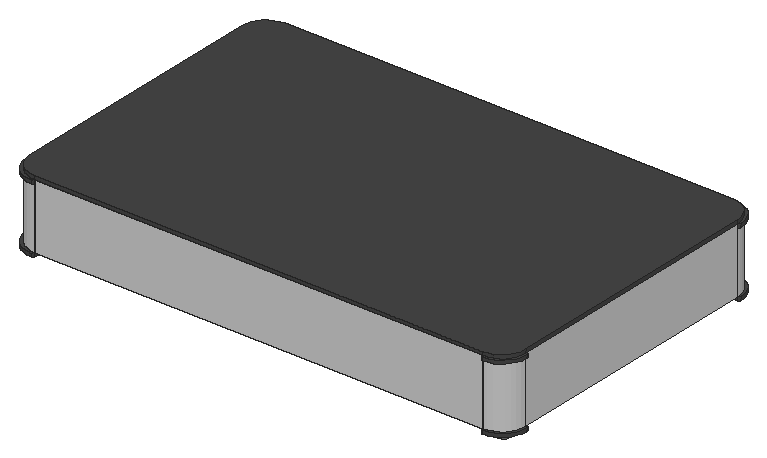
Revit family "QF_ADVENTYS_IE_CHOCOLAT_250926090307", category Specialty Equipment, Revit 2021
Family settings
  Round Connector Dimension = Use Diameter
  Part Type = Normal
  OmniClass Number = 23.40.40.14
  OmniClass Title = Food Service Equipment
  Work Plane-Based = No
  Always vertical = Yes
  Cut with Voids When Loaded = No
  Shared = No
  Room Calculation Point = No
Parameters (values of type "ADV2073")
  Weight in Pounds [instance] = 0
  Weight = 7.50 kg
  Warranty Start Date [instance] = ""
  Warranty Duration [instance] = ""
  Volts [instance] = 230 V
  URL Recommended Spares List = ""
  URL Manufacturer = ""
  URL Cutsheet = ""
  URL Critical Spares List = ""
  URL = "www.adventys.com"
  Tag Number [instance] = ""
  Status [instance] = ""
  Specification by User [instance] = ""
  Specification by Manufacturer [instance] = ""
  Sound Level [instance] = ""
  Solid Fuel Type [instance] = ""
  Service Life Duration [instance] = ""
  Serial Number [instance] = ""
  Seismic Rating [instance] = ""
  SMACNA No [instance] = ""
  Revision Code [instance] = ""
  Revision [instance] = ""
  Production Year [instance] = ""
  Point Load [instance] = 0
  Phase [instance] = 1
  Other Equipment Approvals [instance] = ""
  Number of Poles [instance] = 2
  NAFEM Spec ID Number [instance] = ""
  Model Warning [instance] = ""
  Model = "IE CHOCOLAT"
  Min Ckt Ampacity [instance] = 0 A
  Max Overcurrent Protection [instance] = 16 A
  Masterspec [instance] = ""
  Manufacturer = "ADVENTYS"
  Length Actual = 620 mm
  Item Number [instance] = ""
  Installed By [instance] = ""
  Installation Date [instance] = ""
  Identify Quantity as Lot [instance] = no
  ID [instance] = ""
  Hygiene Approval [instance] = ""
  Hot Water Consumption = 0.0 L/s
  Height Actual = 96 mm
  HP power [instance] = ""
  Furnished By [instance] = ""
  Foodservice Equipment Identifier [instance] = no
  FL Amps [instance] = 10 A
  Electrical Remarks [instance] = "Plug not included"
  Electric power [instance] = 0 W
  Electric Connection Type [instance] = "Cord&Plug"
  Elec Conn RI Height [instance] = 0 mm
  Elec Conn Connection Height [instance] = 0 mm
  ETL Approved [instance] = no
  Description = "PORTABLE HOT PLATE - LE CHOCOLAT"
  Depth Actual = 390 mm
  Default Elevation = 0 mm
  Cycle [instance] = 50 Hz
  Cost = 0
  Conn Plug [instance] = ""
  Conn Conduit [instance] = no
  CSI MasterFormat [instance] = ""
  CE Approved [instance] = no
  Barcode [instance] = 0
  Author [instance] = ""
  Asset Identifier [instance] = ""
  Apparent Power [instance] = 1000 VA
  Accessory = no
Reference planes
  plane 1 "Center (Front/Back)": y = 0
  plane 2: z = 0
  plane 3 "Center (Left/Right)": x = 0
Forms (mm)
  Extrusion 1, solid, not visible
    sketch origin (70.003, -2, 47.502) x (1, 0, 0) y (0, 1, 0)
      loop
        line (-2, 2) -> (-2, -2) -> (2, -2) -> (2, 2) -> (-2, 2)
    from -2 to 2
Dimensions and locks
  locked: Extrusion 1 to nested 2
  locked: nested 2 to Extrusion 1 at 2
  aligned and locked: level to plane 2
Nested families
  nested 1: "QF_ADVENTYS_ADV2073_2916" at (0, 0, 0), type "ADV2073"
    with Status "", Show Logo yes, Show Clearance yes
  nested 2: "CONN_POINT_ELE_2D___Generic_Annotation" at (70.003, 0, 47.502), type "CONN_POINT_ELE_2D___Generic_Annotation"
    with Onboard connection annotation symbol visibility yes
Connectors
  electrical at (70.003, 0, 47.502), driven by "Apparent Power", driven by "Number of Poles", driven by "Volts"
    settings: on Extrusion 1, index 1, voltage 230 V, apparent load 0 VA, apparent load phase1 1000 VA, apparent load phase2 0 VA, apparent load phase3 0 VA, power factor 1, load classification "Other", number of poles 2, system type 31, power factor state 1, is connector primary yes, connector utility no, sub classification motor no, connector description "Electrical connection for IE CHOCOLAT"
Definition of nested family "QF_ADVENTYS_ADV2073_2916"
  Parameters (values of type "ADV2073")
    URL = "www.adventys.com"
    Status [instance] = ""
    Show Logo [instance] = yes
    Show Clearance [instance] = yes
    Model = "IE CHOCOLAT"
    Manufacturer = "ADVENTYS"
    Description = "PORTABLE HOT PLATE - LE CHOCOLAT"
    Default Elevation = 0 mm
    Author = "SPECIFI"
    Assembly Code = "E1090320"
  Reference planes
    plane 1 "Back": y = 0
    plane 2: z = 0
    plane 3 "Left": x = 0
    plane 4 "Right": x = 620
    plane 5 "Front": y = -390
    plane 6 "Top": z = 96
  Forms (mm)
    Extrusion 1, solid
      sketch origin (-437.879, -390, -60.3) x (1, 0, 0) y (0, 1, 0)
        loop
          line (437.879, 360) -> (437.879, 30) -> (467.879, 30) -> (467.879, 0) -> (1027.879, 0) -> (1027.879, 30) -> (1057.879, 30) -> (1057.879, 360) -> (1027.879, 360) -> (1027.879, 390) -> (467.879, 390) -> (467.879, 360) -> (437.879, 360)
      from 70.3 to 152.3
    Extrusion 2, solid
      sketch origin (30, -390, -14.006) x (1, 0, 0) y (0, 1, 0)
        loop
          line (0, 30) -> (-30.98, 30)
          arc (-30.98, 30) -> (-32.402, 29.388) -> (-32.935, 27.935) r 1.958
          arc (-32.935, 27.935) -> (-23.852, 6.102) -> (-2, -2.935) r 30.935
          arc (-2, -2.935) -> (-0.586, -2.35) -> (0, -0.935) r 2
          line (0, -0.935) -> (0, 30)
        loop
          line (560, 30) -> (560, -0.935)
          arc (560, -0.935) -> (560.586, -2.35) -> (562, -2.935) r 2
          arc (562, -2.935) -> (583.852, 6.102) -> (592.935, 27.935) r 30.935
          arc (592.935, 27.935) -> (592.402, 29.388) -> (590.98, 30) r 1.958
          line (590.98, 30) -> (560, 30)
        loop
          line (0, 360) -> (0, 390.935)
          arc (0, 390.935) -> (-0.586, 392.35) -> (-2, 392.935) r 2
          arc (-2, 392.935) -> (-23.852, 383.898) -> (-32.935, 362.065) r 30.935
          arc (-32.935, 362.065) -> (-32.402, 360.612) -> (-30.98, 360) r 1.958
          line (-30.98, 360) -> (0, 360)
        loop
          line (560, 360) -> (590.98, 360)
          arc (590.98, 360) -> (592.402, 360.612) -> (592.935, 362.065) r 1.958
          arc (592.935, 362.065) -> (583.852, 383.898) -> (562, 392.935) r 30.935
          arc (562, 392.935) -> (560.586, 392.35) -> (560, 390.935) r 2
          line (560, 390.935) -> (560, 360)
      from 20.006 to 24.006
    Extrusion 3, solid
      sketch origin (-430.601, -391.294, 0.995) x (1, 0, 0) y (0, 1, 0)
        loop
          circle (1033.349, 18.158) r 8
        loop
          circle (447.454, 18.158) r 8
        loop
          circle (1033.349, 374.212) r 8
        loop
          circle (447.454, 374.212) r 8
      from -0.995 to 5
    Extrusion 4, solid
      sketch origin (30, -390, 71.994) x (1, 0, 0) y (0, 1, 0)
        loop
          line (0, 0) -> (560, 0)
          arc (560, 0) -> (581.213, 8.787) -> (590, 30) r 30
          line (590, 30) -> (590, 360)
          arc (590, 360) -> (581.213, 381.213) -> (560, 390) r 30
          line (560, 390) -> (0, 390)
          arc (0, 390) -> (-21.213, 381.213) -> (-30, 360) r 30
          line (-30, 360) -> (-30, 30)
          arc (-30, 30) -> (-21.213, 8.787) -> (0, 0) r 30
      from 20.006 to 24.006
    Extrusion 5, solid
      sketch origin (30, -390, 67.994) x (1, 0, 0) y (0, 1, 0)
        loop
          arc (560, 390) -> (581.213, 381.213) -> (590, 360) r 30
          line (590, 360) -> (590.98, 360)
          arc (590.98, 360) -> (592.402, 360.612) -> (592.935, 362.065) r 1.958
          arc (592.935, 362.065) -> (583.852, 383.898) -> (562, 392.935) r 30.935
          arc (562, 392.935) -> (560.586, 392.35) -> (560, 390.935) r 2
          line (560, 390.935) -> (560, 390)
        loop
          line (560, 0) -> (560, -0.935)
          arc (560, -0.935) -> (560.586, -2.35) -> (562, -2.935) r 2
          arc (562, -2.935) -> (583.852, 6.102) -> (592.935, 27.935) r 30.935
          arc (592.935, 27.935) -> (592.402, 29.388) -> (590.98, 30) r 1.958
          line (590.98, 30) -> (590, 30)
          arc (590, 30) -> (581.213, 8.787) -> (560, 0) r 30
        loop
          line (0, 390) -> (0, 390.935)
          arc (0, 390.935) -> (-0.586, 392.35) -> (-2, 392.935) r 2
          arc (-2, 392.935) -> (-23.852, 383.898) -> (-32.935, 362.065) r 30.935
          arc (-32.935, 362.065) -> (-32.402, 360.612) -> (-30.98, 360) r 1.958
          line (-30.98, 360) -> (-30, 360)
          arc (-30, 360) -> (-21.213, 381.213) -> (0, 390) r 30
        loop
          arc (0, 0) -> (-21.213, 8.787) -> (-30, 30) r 30
          line (-30, 30) -> (-30.98, 30)
          arc (-30.98, 30) -> (-32.402, 29.388) -> (-32.935, 27.935) r 1.958
          arc (-32.935, 27.935) -> (-23.852, 6.102) -> (-2, -2.935) r 30.935
          arc (-2, -2.935) -> (-0.586, -2.35) -> (0, -0.935) r 2
          line (0, -0.935) -> (0, 0)
      from 20.006 to 24.006
    Extrusion 6, solid
      sketch origin (994.629, 0.2, -60.3) x (1, 0, 0) y (0, 0, 1)
        loop
          line (-603.629, 131.7) -> (-763.629, 131.7)
          arc (-763.629, 131.7) -> (-767.164, 130.236) -> (-768.629, 126.7) r 5
          line (-768.629, 126.7) -> (-768.629, 96.7)
          arc (-768.629, 96.7) -> (-767.164, 93.164) -> (-763.629, 91.7) r 5
          line (-763.629, 91.7) -> (-603.629, 91.7)
          arc (-603.629, 91.7) -> (-600.093, 93.164) -> (-598.629, 96.7) r 5
          line (-598.629, 96.7) -> (-598.629, 126.7)
          arc (-598.629, 126.7) -> (-600.093, 130.236) -> (-603.629, 131.7) r 5
      from -0.2 to 1.8
    Extrusion 7, solid
      sketch origin (-375.129, 0.6, 2.2) x (-1, 0, 0) y (0, 0, -1)
        loop
          line (-663.129, -58.2) -> (-663.129, -45.2) -> (-704.129, -45.2) -> (-704.129, -58.2) -> (-663.129, -58.2)
      from 0 to 2
    Extrusion 8, solid
      sketch origin (-375.129, -55.341, 2.2) x (-1, 0, 0) y (0, 0, -1)
        loop
          line (-647.129, -55.95) -> (-647.129, -47.45)
          arc (-647.129, -47.45) -> (-647.788, -45.859) -> (-649.379, -45.2) r 2.25
          line (-649.379, -45.2) -> (-657.879, -45.2)
          arc (-657.879, -45.2) -> (-659.47, -45.859) -> (-660.129, -47.45) r 2.25
          line (-660.129, -47.45) -> (-660.129, -55.95)
          arc (-660.129, -55.95) -> (-659.47, -57.541) -> (-657.879, -58.2) r 2.25
          line (-657.879, -58.2) -> (-649.379, -58.2)
          arc (-649.379, -58.2) -> (-647.788, -57.541) -> (-647.129, -55.95) r 2.25
        loop
          line (-653.229, -55.7) -> (-653.229, -52.1) -> (-649.629, -52.1) -> (-649.629, -51.3) -> (-653.229, -51.3) -> (-653.229, -47.7) -> (-654.029, -47.7) -> (-654.029, -51.3) -> (-657.629, -51.3) -> (-657.629, -52.1) -> (-654.029, -52.1) -> (-654.029, -55.7) -> (-653.229, -55.7)
        loop
          line (-707.129, -55.95) -> (-707.129, -47.45)
          arc (-707.129, -47.45) -> (-707.788, -45.859) -> (-709.379, -45.2) r 2.25
          line (-709.379, -45.2) -> (-717.879, -45.2)
          arc (-717.879, -45.2) -> (-719.47, -45.859) -> (-720.129, -47.45) r 2.25
          line (-720.129, -47.45) -> (-720.129, -55.95)
          arc (-720.129, -55.95) -> (-719.47, -57.541) -> (-717.879, -58.2) r 2.25
          line (-717.879, -58.2) -> (-709.379, -58.2)
          arc (-709.379, -58.2) -> (-707.788, -57.541) -> (-707.129, -55.95) r 2.25
        loop
          line (-709.629, -52.1) -> (-709.629, -51.3) -> (-717.629, -51.3) -> (-717.629, -52.1) -> (-709.629, -52.1)
        loop
          circle (-733.525, -51.7) r 6.5
        loop
          line (-733.229, -55.7) -> (-733.229, -47.7) -> (-734.029, -47.7) -> (-734.029, -55.7) -> (-733.229, -55.7)
      from -55.941 to -53.941
    Extrusion 9, solid
      sketch origin (0, 0, 0) x (1, 0, 0) y (0, 1, 0)
        loop
          arc (30, 0) -> (8.787, -8.787) -> (0, -30) r 30
          line (0, -30) -> (30, -30) -> (30, 0)
        loop
          line (30, -390) -> (30, -360) -> (0, -360)
          arc (0, -360) -> (8.787, -381.213) -> (30, -390) r 30
        loop
          line (590, 0) -> (590, -30) -> (620, -30)
          arc (620, -30) -> (611.213, -8.787) -> (590, 0) r 30
        loop
          arc (590, -390) -> (611.213, -381.213) -> (620, -360) r 30
          line (620, -360) -> (590, -360) -> (590, -390)
      from 10 to 88
  Lines and regions (mm)
    symbolic lines
      curve 1: line (0, -360, 0) -> (0, -30, 0)
      curve 2: line (30, 0, 0) -> (590, 0, 0)
      curve 3: line (620, -30, 0) -> (620, -360, 0)
      curve 4: line (590, -390, 0) -> (30, -390, 0)
      curve 5: arc (0, -360, 0) -> (8.787, -381.213, 0) -> (30, -390, 0) r 30
      curve 6: arc (590, -390, 0) -> (611.213, -381.213, 0) -> (620, -360, 0) r 30
      curve 7: arc (0, -30, 0) -> (8.787, -8.787, 0) -> (30, 0, 0) r 30
      curve 8: arc (590, 0, 0) -> (611.213, -8.787, 0) -> (620, -30, 0) r 30
      curve 9: line (0, -360, 0) -> (-0.98, -360, 0)
      curve 10: arc (-0.98, -360, 0) -> (-2.365, -360.574, 0) -> (-2.938, -361.958, 0) r 1.958
      curve 11: arc (-2.938, -361.958, 0) -> (6.135, -383.862, 0) -> (28.039, -392.935, 0) r 30.977
      curve 12: arc (28.039, -392.935, 0) -> (29.426, -392.361, 0) -> (30, -390.974, 0) r 1.961
      curve 13: line (30, -390.974, 0) -> (30, -390, 0)
      curve 14: line (620, -360, 0) -> (620.98, -360, 0)
      curve 15: arc (620.98, -360, 0) -> (622.365, -360.574, 0) -> (622.938, -361.958, 0) r 1.958
      curve 16: arc (622.938, -361.958, 0) -> (613.865, -383.862, 0) -> (591.961, -392.935, 0) r 30.977
      curve 17: arc (591.961, -392.935, 0) -> (590.574, -392.361, 0) -> (590, -390.974, 0) r 1.961
      curve 18: line (590, -390.974, 0) -> (590, -390, 0)
      curve 19: line (0, -30, 0) -> (-0.98, -30, 0)
      curve 20: arc (-0.98, -30, 0) -> (-2.365, -29.426, 0) -> (-2.938, -28.042, 0) r 1.958
      curve 21: arc (-2.938, -28.042, 0) -> (6.135, -6.138, 0) -> (28.039, 2.935, 0) r 30.977
      curve 22: arc (28.039, 2.935, 0) -> (29.426, 2.361, 0) -> (30, 0.974, 0) r 1.961
      curve 23: line (30, 0.974, 0) -> (30, 0, 0)
      curve 24: line (620, -30, 0) -> (620.98, -30, 0)
      curve 25: arc (620.98, -30, 0) -> (622.365, -29.426, 0) -> (622.938, -28.042, 0) r 1.958
      curve 26: arc (622.938, -28.042, 0) -> (613.865, -6.138, 0) -> (591.961, 2.935, 0) r 30.977
      curve 27: arc (591.961, 2.935, 0) -> (590.574, 2.361, 0) -> (590, 0.974, 0) r 1.961
      curve 28: line (590, 0.974, 0) -> (590, 0, 0)
  Dimensions and locks
    plane 6 "Top" to level = 96 mm
    plane 3 "Left" to plane 4 "Right" = 620 mm
    plane 5 "Front" to plane 1 "Back" = 390 mm
    aligned and locked: level to plane 2
Definition of nested family "CONN_POINT_ELE_2D___Generic_Annotation"
  Parameters (values of type "CONN_POINT_ELE_2D___Generic_Annotation")
    Onboard connection annotation symbol visibility [instance] = yes
  Reference planes
    plane 1: y = 0
    plane 2: x = 0
  Lines and regions (mm)
    detail lines, visible <- "Onboard connection annotation symbol visibility"
      curve 1: circle (0, 0, 0) r 0.5 normal (0, 0, 1)
      curve 2: line (-1, 0, 0) -> (1, 0, 0)
      curve 3: line (0, 1, 0) -> (0, -1, 0)
      curve 4: line (2.5, 1, 0) -> (1.25, 1, 0)
      curve 5: line (1.25, 1, 0) -> (1.25, -1, 0)
      curve 6: line (1.25, -1, 0) -> (2.5, -1, 0)
      curve 7: line (1.25, 0, 0) -> (2, 0, 0)
